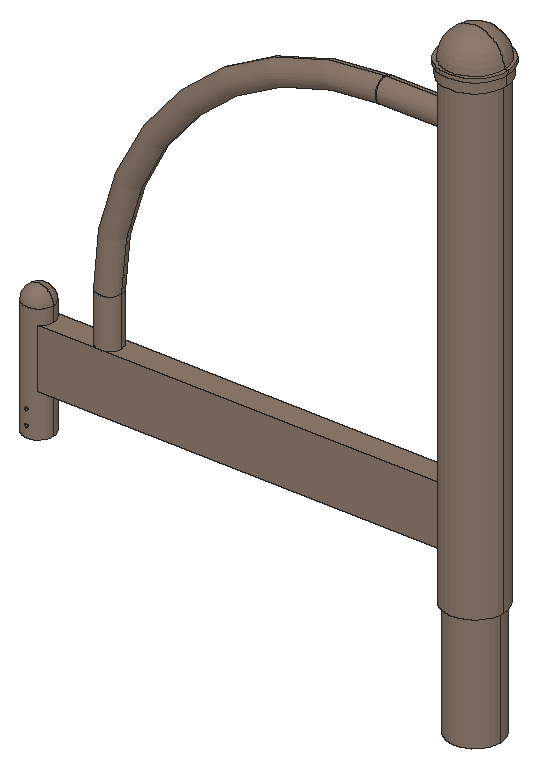
Revit family "PA045", category Generic Models, Revit 2014
Parameters
  TUBING = Bronze, Architectural
  TOP CAP = Bronze, Architectural
  OUTLET = Bronze, Architectural
  BODY = Bronze, Architectural
  BASE = Bronze, Architectural
  ARM = Bronze, Architectural
Reference planes (in)
  plane 1 "Center (Front/Back)": y = 0
  plane 2: z = 0
  plane 3 "Center (Left/Right)": x = 0
  plane 4: y = 0.83
  plane 5: y = -0.83522
Forms (in)
  Revolve 1, solid, material "Bronze, Architectural" <- "BASE"
    sketch origin (0, 0, 0) x (1, 0, 0) y (0, 0, 1)
      loop
        line (0, 7.99911) -> (-1.74856, 7.99911) -> (-1.74856, 0) -> (0, 0) -> (0, 7.99911)
      axis (0, 7.99911) -> (0, 0)
    angle from 0 to 360
  Revolve 2, solid, material "Bronze, Architectural" <- "BODY"
    sketch origin (0, 0, 0) x (1, 0, 0) y (0, 0, 1)
      loop
        line (0, 40.2565) -> (-1.99906, 40.2565) -> (-1.99906, 7.99911) -> (0, 7.99911) -> (0, 40.2565)
      axis (0, 7.99911) -> (0, 40.2565)
    angle from 0 to 360
  Revolve 3, solid, material "Bronze, Architectural" <- "TOP CAP"
    sketch origin (0, 0, 0) x (1, 0, 0) y (0, 0, 1)
      loop
        line (0, 40.99911) -> (-2.16502, 40.99911) -> (-2.16502, 40.2565) -> (0, 40.2565) -> (0, 40.99911)
      axis (0, 40.99911) -> (0, 40.2565)
    angle from 0 to 360
  Revolve 4, solid, material "Bronze, Architectural" <- "TOP CAP"
    sketch origin (0, 0, 0) x (1, 0, 0) y (0, 0, 1)
      loop
        line (0, 40.99911) -> (0, 43.22695)
        arc (0, 43.22695) -> (-1.42173, 42.65025) -> (-2.04125, 41.24665) r 2.04315
        line (-2.04125, 41.24665) -> (-2.28879, 41.24665) -> (-2.28879, 40.99911) -> (0, 40.99911)
      axis (0, 43.22695) -> (0, 40.99911)
    angle from 0 to 360
  Revolve 5, solid, material "Bronze, Architectural" <- "TUBING"
    sketch origin (0, 0, 0) x (1, 0, 0) y (0, 0, 1)
      loop
        line (-1.5268, 37.16911) -> (-1.5268, 37.99911) -> (-6.0993, 37.99911) -> (-6.0993, 37.16911) -> (-1.5268, 37.16911)
      axis (-1.5268, 37.16911) -> (-6.0993, 37.16911)
    angle from 0 to 360
  Revolve 6, solid, material "Bronze, Architectural" <- "OUTLET"
    sketch origin (0, 0, 0) x (1, 0, 0) y (0, 0, 1)
      loop
        arc (-28.74906, 15.99909) -> (-29.04196, 16.70621) -> (-29.74906, 16.99911) r 1.00002
        line (-29.74906, 16.99911) -> (-29.74906, 7.99909) -> (-28.74906, 7.99909) -> (-28.74906, 15.99909)
      axis (-29.74906, 7.99909) -> (-29.74906, 16.99911)
    angle from 0 to 360
  Revolve 7, solid, material "Bronze, Architectural" <- "TUBING"
    sketch origin (0, 0, 0) x (1, 0, 0) y (0, 0, 1)
      loop
        line (-24.9293, 18.33911) -> (-25.7593, 18.33911) -> (-25.7593, 14.99911) -> (-24.9293, 14.99911) -> (-24.9293, 18.33911)
      axis (-24.9293, 18.33911) -> (-24.9293, 14.99911)
    angle from 0 to 360
  SweptBlend 8, solid, material "Bronze, Architectural" <- "TUBING"
    path origin (0, 0, 0) x (1, 0, 0) y (0, 0, 1)
      loop
        arc (-6.0993, 37.16911) -> (-19.41412, 31.65393) -> (-24.9293, 18.33911) r 18.83
    profile origin (-6.0993, 0, 37.16911) x (0, 0, -1) y (0, -1, 0)
      loop
        circle (0, 0) r 0.83
    end profile origin (-24.9293, 0, 18.33911) x (0, -1, 0) y (1, 0, 0)
      loop
        circle (0, 0) r 0.83
  Extrusion 9, solid, material "Bronze, Architectural" <- "ARM"
    sketch origin (0, 0, 0) x (1, 0, 0) y (0, 0, 1)
      loop
        line (-1.73111, 14.99911) -> (-29.75, 14.99911) -> (-29.75, 10.99911) -> (-1.73111, 10.99911) -> (-1.73111, 14.99911)
    from -0.83 to 0.83522
  Revolve 10, void
    sketch origin (0, 0, 0) x (1, 0, 0) y (0, 0, 1)
      loop
        line (-1.31106, 0) -> (0, 0) -> (0, 7.99911) -> (-1.31106, 7.99911) -> (-1.31106, 0)
      axis (0, 7.99911) -> (0, 0)
    angle from 0 to 360
  Revolve 11, void
    sketch origin (0, 0, 0) x (1, 0, 0) y (0, 0, 1)
      loop
        line (-29.75, 10.99911) -> (-30.62406, 10.99911) -> (-30.62406, 7.99909) -> (-29.75, 7.99909) -> (-29.75, 10.99911)
      axis (-29.75, 10.99911) -> (-29.75, 7.99909)
    angle from 0 to 360
  Extrusion 12, void
    sketch origin (0, 0, 0) x (1, 0, 0) y (0, 0, 1)
      loop
        circle (-29.74906, 9.74909) r 0.125
      loop
        circle (-29.74906, 8.74909) r 0.125
    from -1.18374 to 1.10166
Cuts and joins
  Revolve 10 cuts Revolve 1
  Revolve 10 cuts Revolve 2
  Revolve 11, Extrusion 12 cuts Revolve 6
  Revolve 11 cuts Extrusion 9
Dimensions and locks (in)
  aligned and locked: plane 2 to level
